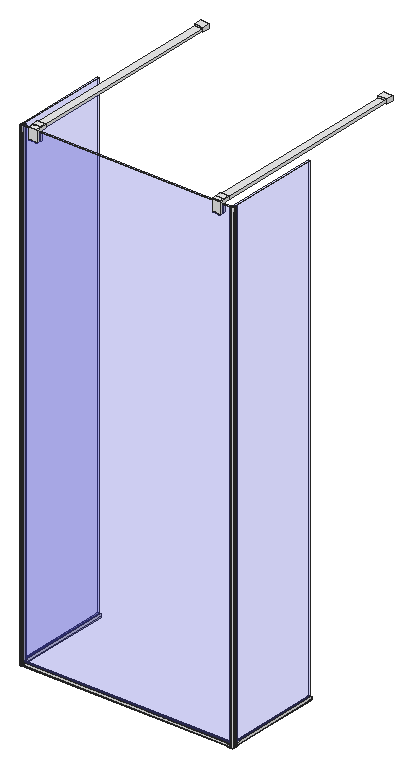
Revit family "TRIO", category Plumbing Fixtures, Revit 2015
Parameters (values of type "900")
  Glass = Glass
  Chrome = Chrome - Polished
  Aluminium = Aluminum - Polished
  A = 871 mm
  URL = "http://www.sanswiss.com/"
  Type Comments = ""
  Model = "TRIO"
  Manufacturer = "SanSwiss"
Types (6, lengths in mm): name | A
  (no name) | 871
  900 | 871
  1000 | 971
  1200 | 1171
  1400 | 1371
  1600 | 1571
Reference planes
  plane 1 "Center (Front/Back)": y = 0
  plane 2: z = 0
  plane 3 "Center (Left/Right)": x = 0
  plane 4: y = 900
  plane 5: x = 871
  plane 6: x = 865.003
  plane 7: x = 5.997
Forms (mm)
  Extrusion 1, solid, material "Glass" <- "Glass"
    sketch origin (0, 14.7, 1950) x (1, 0, 0) y (0, 1, 0)
      loop
        line (871, 15.3) -> (0, 15.3) -> (0, 7.3) -> (871, 7.3) -> (871, 15.3)
    from -1940 to 50
  Extrusion 2, solid, material "Aluminum - Polished" <- "Aluminium"
    sketch origin (-900, 0.3, 0) x (0, 1, 0) y (0, 0, -1)
      loop
        line (21.6, -10) -> (29.8, -10) -> (29.8, -13.868)
        arc (29.8, -13.868) -> (29.742, -14.514) -> (30.217, -14.955) r 0.736
        arc (30.217, -14.955) -> (30.886, -14.841) -> (31.2, -14.241) r 0.763
        line (31.2, -14.241) -> (31.2, -3.1)
        arc (31.2, -3.1) -> (30.731, -1.969) -> (29.6, -1.5) r 1.6
        line (29.6, -1.5) -> (28.55, -1.5) -> (28.55, 0) -> (27.25, 0) -> (27.25, -1.5) -> (24.15, -1.5) -> (24.15, 0) -> (22.85, 0) -> (22.85, -1.5) -> (21.8, -1.5)
        arc (21.8, -1.5) -> (20.669, -1.969) -> (20.2, -3.1) r 1.6
        line (20.2, -3.1) -> (20.2, -14.25)
        arc (20.2, -14.25) -> (20.558, -14.896) -> (21.297, -14.909) r 0.739
        arc (21.297, -14.909) -> (21.689, -14.408) -> (21.6, -13.779) r 0.813
        line (21.6, -13.779) -> (21.6, -10)
      loop
        line (29.9, -8.7) -> (29.9, -2.8) -> (21.5, -2.8) -> (21.5, -8.7) -> (29.9, -8.7)
    from -1765.003 to -905.997
  Sweep 3, solid, material "Aluminum - Polished" <- "Aluminium"
    path origin (0, 0, 0) x (1, 0, 0) y (0, 0, 1)
      loop
        line (871, 0) -> (871, 2000)
    profile origin (871, 0, 1000) x (-1, 0, 0) y (0, -1, 0)
      loop
        line (-4.811, -30.478) -> (-4.13, -29.3) -> (-5.14, -28.988) -> (-4.936, -27.833)
        arc (-4.936, -27.833) -> (-4.818, -27.393) -> (-4.405, -27.2) r 0.539
        line (-4.405, -27.2) -> (-3.244, -27.2)
        arc (-3.244, -27.2) -> (-1.462, -28.317) -> (-1.679, -30.409) r 1.989
        arc (-1.679, -30.409) -> (-1.88, -31.088) -> (-1.303, -31.5) r 0.61
        line (-1.303, -31.5) -> (5.247, -31.5)
        arc (5.247, -31.5) -> (5.997, -30.75) -> (5.247, -30) r 0.75
        line (5.247, -30) -> (4.443, -30.464) -> (3.78, -30) -> (3.073, -30.495) -> (2.366, -30) -> (1.683, -30.478) -> (0.999, -30) -> (0.004, -29.85)
        arc (0.004, -29.85) -> (-0.992, -26.845) -> (-4.006, -25.873) r 3.5
        arc (-4.006, -25.873) -> (-4.44, -25.685) -> (-4.468, -25.212) r 0.452
        arc (-4.468, -25.212) -> (-3.269, -23.464) -> (-1.521, -22.265) r 5.788
        line (-1.521, -22.265) -> (-0.003, -23.783) -> (-0.003, -22)
        arc (-0.003, -22) -> (0.69, -21.897) -> (1.391, -21.919) r 3.901
        line (1.391, -21.919) -> (5.2, -22.387)
        arc (5.2, -22.387) -> (6.005, -21.868) -> (5.426, -21.105) r 0.653
        line (5.426, -21.105) -> (0, -20.576)
        arc (0, -20.576) -> (-4.495, -22.867) -> (-6.303, -27.577) r 7.039
        line (-6.303, -27.577) -> (-6.303, -30.078)
        arc (-6.303, -30.078) -> (-5.71, -30.851) -> (-4.811, -30.478) r 0.8
  Sweep 4, solid, material "Aluminum - Polished" <- "Aluminium"
    path origin (0, 0, 0) x (1, 0, 0) y (0, 0, 1)
      loop
        line (870.996, 0) -> (870.996, 2000)
    profile origin (870.996, 0, 1000) x (-1, 0, 0) y (0, -1, 0)
      loop
        line (-4.653, -33.2) -> (3.692, -33.2) -> (3.692, -34.238) -> (4.233, -34.882) -> (3.692, -35.527) -> (4.195, -36.245) -> (3.692, -36.963) -> (4.201, -37.57) -> (3.692, -38.297)
        arc (3.692, -38.297) -> (4.264, -39.164) -> (5.192, -38.699) r 0.782
        line (5.192, -38.699) -> (5.192, -31.9) -> (-1.973, -31.9) -> (-2.42, -28.719)
        arc (-2.42, -28.719) -> (-3.221, -27.695) -> (-4.508, -27.876) r 1.3
        arc (-4.508, -27.876) -> (-4.876, -28.33) -> (-5.007, -28.9) r 1.3
        line (-5.007, -28.9) -> (-4.008, -28.9) -> (-4.008, -31.9) -> (-5.228, -31.9)
        arc (-5.228, -31.9) -> (-5.832, -32.175) -> (-6.021, -32.811) r 0.8
        line (-6.021, -32.811) -> (-5.201, -38.64)
        arc (-5.201, -38.64) -> (-4.467, -39.194) -> (-3.914, -38.46) r 0.65
        line (-3.914, -38.46) -> (-4.653, -33.2)
  Sweep 5, solid, material "Glass" <- "Glass"
    path origin (0, 0, 1950) x (-1, 0, 0) y (0, -1, 0)
      loop
        line (-871, -33.2) -> (-871, -425.2)
    profile origin (871, 229.2, 1950) x (-1, 0, 0) y (0, 0, 1)
      loop
        line (3.697, 50) -> (-4.303, 50) -> (-4.303, -1940) -> (3.697, -1940) -> (3.697, 50)
  Sweep 6, solid, material "Aluminum - Polished" <- "Aluminium"
    path origin (0, 0, 1950) x (-1, 0, 0) y (0, -1, 0)
      loop
        line (-871, -39.2) -> (-871, -425.2)
    profile origin (871, 232.2, 1950) x (-1, 0, 0) y (0, 0, 1)
      loop
        line (-4.384, -1940) -> (-4.384, -1936.221)
        arc (-4.384, -1936.221) -> (-4.295, -1935.592) -> (-4.687, -1935.091) r 0.813
        arc (-4.687, -1935.091) -> (-5.425, -1935.104) -> (-5.784, -1935.75) r 0.739
        line (-5.784, -1935.75) -> (-5.784, -1946.9)
        arc (-5.784, -1946.9) -> (-5.315, -1948.031) -> (-4.184, -1948.5) r 1.6
        line (-4.184, -1948.5) -> (-3.134, -1948.5) -> (-3.134, -1950) -> (-1.834, -1950) -> (-1.834, -1948.5) -> (1.266, -1948.5) -> (1.266, -1950) -> (2.566, -1950) -> (2.566, -1948.5) -> (3.616, -1948.5)
        arc (3.616, -1948.5) -> (4.748, -1948.031) -> (5.216, -1946.9) r 1.6
        line (5.216, -1946.9) -> (5.216, -1935.759)
        arc (5.216, -1935.759) -> (4.902, -1935.159) -> (4.233, -1935.045) r 0.763
        arc (4.233, -1935.045) -> (3.758, -1935.486) -> (3.816, -1936.132) r 0.736
        line (3.816, -1936.132) -> (3.816, -1940) -> (-4.384, -1940)
      loop
        line (3.916, -1941.3) -> (-4.484, -1941.3) -> (-4.484, -1947.2) -> (3.916, -1947.2) -> (3.916, -1941.3)
  Sweep 7, solid, material "Aluminum - Polished" <- "Aluminium"
    path origin (1000, 0, 0) x (-1, 0, 0) y (0, 0, 1)
      loop
        line (1000, 0) -> (1000, 2000)
    profile origin (0, 0, 1000) x (-1, 0, 0) y (0, -1, 0)
      loop
        arc (4.811, -30.478) -> (5.71, -30.851) -> (6.303, -30.078) r 0.8
        line (6.303, -30.078) -> (6.303, -27.577)
        arc (6.303, -27.577) -> (4.495, -22.867) -> (0, -20.576) r 7.039
        line (0, -20.576) -> (-5.426, -21.105)
        arc (-5.426, -21.105) -> (-6.005, -21.868) -> (-5.2, -22.387) r 0.653
        line (-5.2, -22.387) -> (-1.391, -21.919)
        arc (-1.391, -21.919) -> (-0.69, -21.897) -> (0.003, -22) r 3.901
        line (0.003, -22) -> (0.003, -23.783) -> (1.521, -22.265)
        arc (1.521, -22.265) -> (3.269, -23.464) -> (4.468, -25.212) r 5.788
        arc (4.468, -25.212) -> (4.44, -25.685) -> (4.006, -25.873) r 0.452
        arc (4.006, -25.873) -> (0.992, -26.845) -> (-0.004, -29.85) r 3.5
        line (-0.004, -29.85) -> (-0.999, -30) -> (-1.683, -30.478) -> (-2.366, -30) -> (-3.073, -30.495) -> (-3.78, -30) -> (-4.443, -30.464) -> (-5.247, -30)
        arc (-5.247, -30) -> (-5.997, -30.75) -> (-5.247, -31.5) r 0.75
        line (-5.247, -31.5) -> (1.303, -31.5)
        arc (1.303, -31.5) -> (1.88, -31.088) -> (1.679, -30.409) r 0.61
        arc (1.679, -30.409) -> (1.462, -28.317) -> (3.244, -27.2) r 1.989
        line (3.244, -27.2) -> (4.405, -27.2)
        arc (4.405, -27.2) -> (4.818, -27.393) -> (4.936, -27.833) r 0.539
        line (4.936, -27.833) -> (5.14, -28.988) -> (4.13, -29.3) -> (4.811, -30.478)
  Sweep 8, solid, material "Aluminum - Polished" <- "Aluminium"
    path origin (1000, 0, 0) x (-1, 0, 0) y (0, 0, 1)
      loop
        line (999.996, 0) -> (999.996, 2000)
    profile origin (0.004, 0, 1000) x (-1, 0, 0) y (0, -1, 0)
      loop
        line (4.653, -33.2) -> (3.914, -38.46)
        arc (3.914, -38.46) -> (4.467, -39.194) -> (5.201, -38.64) r 0.65
        line (5.201, -38.64) -> (6.021, -32.811)
        arc (6.021, -32.811) -> (5.832, -32.175) -> (5.228, -31.9) r 0.8
        line (5.228, -31.9) -> (4.008, -31.9) -> (4.008, -28.9) -> (5.007, -28.9)
        arc (5.007, -28.9) -> (4.876, -28.33) -> (4.508, -27.876) r 1.3
        arc (4.508, -27.876) -> (3.221, -27.695) -> (2.42, -28.719) r 1.3
        line (2.42, -28.719) -> (1.973, -31.9) -> (-5.192, -31.9) -> (-5.192, -38.699)
        arc (-5.192, -38.699) -> (-4.264, -39.164) -> (-3.692, -38.297) r 0.782
        line (-3.692, -38.297) -> (-4.201, -37.57) -> (-3.692, -36.963) -> (-4.195, -36.245) -> (-3.692, -35.527) -> (-4.233, -34.882) -> (-3.692, -34.238) -> (-3.692, -33.2) -> (4.653, -33.2)
  Sweep 9, solid, material "Glass" <- "Glass"
    path origin (1000, 0, 1950) x (1, 0, 0) y (0, 1, 0)
      loop
        line (-1000, 33.2) -> (-1000, 425.2)
    profile origin (0, 229.2, 1950) x (-1, 0, 0) y (0, 0, 1)
      loop
        line (-3.697, 50) -> (-3.697, -1940) -> (4.303, -1940) -> (4.303, 50) -> (-3.697, 50)
  Sweep 10, solid, material "Aluminum - Polished" <- "Aluminium"
    path origin (1000, 0, 1950) x (1, 0, 0) y (0, 1, 0)
      loop
        line (-1000, 39.2) -> (-1000, 425.2)
    profile origin (0, 232.2, 1950) x (-1, 0, 0) y (0, 0, 1)
      loop
        line (4.384, -1940) -> (-3.816, -1940) -> (-3.816, -1936.132)
        arc (-3.816, -1936.132) -> (-3.758, -1935.486) -> (-4.233, -1935.045) r 0.736
        arc (-4.233, -1935.045) -> (-4.902, -1935.159) -> (-5.216, -1935.759) r 0.763
        line (-5.216, -1935.759) -> (-5.216, -1946.9)
        arc (-5.216, -1946.9) -> (-4.748, -1948.031) -> (-3.616, -1948.5) r 1.6
        line (-3.616, -1948.5) -> (-2.566, -1948.5) -> (-2.566, -1950) -> (-1.266, -1950) -> (-1.266, -1948.5) -> (1.834, -1948.5) -> (1.834, -1950) -> (3.134, -1950) -> (3.134, -1948.5) -> (4.184, -1948.5)
        arc (4.184, -1948.5) -> (5.315, -1948.031) -> (5.784, -1946.9) r 1.6
        line (5.784, -1946.9) -> (5.784, -1935.75)
        arc (5.784, -1935.75) -> (5.425, -1935.104) -> (4.687, -1935.091) r 0.739
        arc (4.687, -1935.091) -> (4.295, -1935.592) -> (4.384, -1936.221) r 0.813
        line (4.384, -1936.221) -> (4.384, -1940)
      loop
        line (-3.916, -1941.3) -> (-3.916, -1947.2) -> (4.484, -1947.2) -> (4.484, -1941.3) -> (-3.916, -1941.3)
Dimensions and locks
  locked: plane 4 to plane 1 "Center (Front/Back)" at 900
  "A": plane 5 to plane 3 "Center (Left/Right)"
  locked: plane 6 to plane 5 at 5.997
  locked: plane 5 to nested 2 at 0.303
  locked: nested 1 to plane 5 at 42
  locked: plane 3 "Center (Left/Right)" to nested 3 at 42
  aligned and locked: level to plane 2
  aligned and locked: plane 5 to Extrusion 1
  aligned and locked: plane 6 to Extrusion 2
  aligned and locked: Extrusion 1 to plane 3 "Center (Left/Right)"
  aligned and locked: plane 7 to Extrusion 2
Automatic sketch dimensions
  Extrusion 1 sketch curve to plane 5 = 0 mm
  plane 7 to Extrusion 1 sketch curve = 5.997 mm
  Extrusion 1 sketch curve to plane 1 "Center (Front/Back)" = 22 mm
  Extrusion 1 sketch curve to Extrusion 1 sketch curve = 8 mm
  Extrusion 2 sketch curve to level = 0 mm  (x2)
  Extrusion 2 sketch curve to plane 1 "Center (Front/Back)" = 20.5 mm
  Extrusion 2 sketch curve to Extrusion 2 sketch curve = 0.703 mm
  Extrusion 2 sketch curve to Extrusion 2 sketch curve = 0.036 mm
  Extrusion 2 sketch curve to Extrusion 2 sketch curve = 0.597 mm
  Extrusion 2 sketch curve to Extrusion 2 sketch curve = 0.697 mm
  Extrusion 2 sketch curve to Extrusion 2 sketch curve = 0.3 mm  (x3)
  Extrusion 2 sketch curve to Extrusion 2 sketch curve = 1.05 mm  (x2)
  Extrusion 2 sketch curve to Extrusion 2 sketch curve = 1.3 mm  (x4)
  Extrusion 2 sketch curve to Extrusion 2 sketch curve = 3.1 mm
  Extrusion 2 sketch curve to Extrusion 2 sketch curve = 0.2 mm
  Extrusion 2 sketch curve to Extrusion 2 sketch curve = 0.629 mm
  Extrusion 2 sketch curve to Extrusion 2 sketch curve = 0.008 mm
  level to Extrusion 2 sketch curve = 1.5 mm  (x2)
  Extrusion 2 sketch curve to Extrusion 2 sketch curve = 0 mm
  Extrusion 2 sketch curve to Extrusion 2 sketch curve = 5.6 mm
  Extrusion 2 sketch curve to Extrusion 2 sketch curve = 3.779 mm
  Extrusion 2 sketch curve to Extrusion 2 sketch curve = 3.868 mm
  Extrusion 2 sketch curve to Extrusion 2 sketch curve = 0.419 mm
  Extrusion 2 sketch curve to Extrusion 2 sketch curve = 0.356 mm
  Extrusion 2 sketch curve to Extrusion 2 sketch curve = 0.017 mm
  Extrusion 2 sketch curve to Extrusion 2 sketch curve = 0.052 mm
  Extrusion 2 sketch curve to Extrusion 2 sketch curve = 0.026 mm
  Extrusion 2 sketch curve to Extrusion 2 sketch curve = 0.065 mm
  plane 5 to Sweep 3 sketch curve = 0 mm
  Sweep 3 sketch curve to level = 0 mm
  level to Sweep 3 sketch curve = 2000 mm
  Sweep 3 sketch curve to profile plane = 0 mm
  profile plane to Sweep 3 sketch curve = 0.003 mm
  profile plane to Sweep 3 sketch curve = 1.303 mm
  profile plane to Sweep 3 sketch curve = 1.521 mm
  profile plane to Sweep 3 sketch curve = 3.244 mm
  Sweep 3 sketch curve to Sweep 3 sketch curve = 0.005 mm
  Sweep 3 sketch curve to Sweep 3 sketch curve = 0.207 mm
  Sweep 3 sketch curve to Sweep 3 sketch curve = 0.826 mm
  Sweep 3 sketch curve to Sweep 3 sketch curve = 0.673 mm
  Sweep 3 sketch curve to Sweep 3 sketch curve = 1.161 mm
  Sweep 3 sketch curve to Sweep 3 sketch curve = 0.68 mm
  Sweep 3 sketch curve to Sweep 3 sketch curve = 0.531 mm
  Sweep 3 sketch curve to Sweep 3 sketch curve = 1.009 mm
  Sweep 3 sketch curve to Sweep 3 sketch curve = 0.693 mm
  Sweep 3 sketch curve to Sweep 3 sketch curve = 1.367 mm
  Sweep 3 sketch curve to profile plane = 0.004 mm
  Sweep 3 sketch curve to profile plane = 0.736 mm
  Sweep 3 sketch curve to Sweep 3 sketch curve = 0.088 mm
  Sweep 3 sketch curve to profile plane = 0.916 mm
  Sweep 3 sketch curve to profile plane = 0.999 mm
  Sweep 3 sketch curve to profile plane = 1.391 mm
  Sweep 3 sketch curve to Sweep 3 sketch curve = 0.683 mm  (x2)
  Sweep 3 sketch curve to Sweep 3 sketch curve = 0.707 mm  (x2)
  Sweep 3 sketch curve to Sweep 3 sketch curve = 0.663 mm
  Sweep 3 sketch curve to Sweep 3 sketch curve = 3.809 mm
  Sweep 3 sketch curve to Sweep 3 sketch curve = 0.804 mm
  Sweep 3 sketch curve to Sweep 3 sketch curve = 0.163 mm
  Sweep 3 sketch curve to Sweep 3 sketch curve = 0.063 mm
  Sweep 3 sketch curve to plane 1 "Center (Front/Back)" = 31.5 mm
  Sweep 3 sketch curve to Sweep 3 sketch curve = 0.61 mm
  Sweep 3 sketch curve to Sweep 3 sketch curve = 0.75 mm
  Sweep 3 sketch curve to Sweep 3 sketch curve = 0.255 mm
  Sweep 3 sketch curve to Sweep 3 sketch curve = 0.411 mm
  Sweep 3 sketch curve to Sweep 3 sketch curve = 0.017 mm
  Sweep 3 sketch curve to Sweep 3 sketch curve = 0.286 mm
  Sweep 3 sketch curve to Sweep 3 sketch curve = 0.478 mm  (x2)
  Sweep 3 sketch curve to Sweep 3 sketch curve = 0.464 mm
  Sweep 3 sketch curve to Sweep 3 sketch curve = 0.15 mm
  Sweep 3 sketch curve to Sweep 3 sketch curve = 1.149 mm
  Sweep 3 sketch curve to Sweep 3 sketch curve = 0.03 mm
  Sweep 3 sketch curve to Sweep 3 sketch curve = 0.141 mm
  Sweep 3 sketch curve to Sweep 3 sketch curve = 0.312 mm
  Sweep 3 sketch curve to Sweep 3 sketch curve = 1.155 mm
  Sweep 3 sketch curve to Sweep 3 sketch curve = 0.094 mm
  Sweep 3 sketch curve to Sweep 3 sketch curve = 0.256 mm
  Sweep 3 sketch curve to Sweep 3 sketch curve = 0.019 mm
  Sweep 3 sketch curve to Sweep 3 sketch curve = 1.766 mm
  Sweep 3 sketch curve to Sweep 3 sketch curve = 1.774 mm
  Sweep 3 sketch curve to Sweep 3 sketch curve = 2.008 mm
  Sweep 3 sketch curve to Sweep 3 sketch curve = 1.396 mm
  Sweep 3 sketch curve to Sweep 3 sketch curve = 1.518 mm
  Sweep 3 sketch curve to Sweep 3 sketch curve = 1.424 mm
  Sweep 3 sketch curve to Sweep 3 sketch curve = 0.632 mm
  Sweep 3 sketch curve to Sweep 3 sketch curve = 0.065 mm
  Sweep 4 sketch curve to level = 0 mm
  plane 5 to Sweep 4 sketch curve = 0.004 mm
  level to Sweep 4 sketch curve = 2000 mm
  Sweep 4 sketch curve to Sweep 4 sketch curve = 0 mm  (x7)
  profile plane to Sweep 4 sketch curve = 6.021 mm
  Sweep 4 sketch curve to Sweep 4 sketch curve = 0.792 mm
  profile plane to Sweep 4 sketch curve = 5.201 mm
  Sweep 4 sketch curve to Sweep 4 sketch curve = 0.221 mm
  Sweep 4 sketch curve to Sweep 4 sketch curve = 0.575 mm
  Sweep 4 sketch curve to Sweep 4 sketch curve = 0.644 mm  (x2)
  Sweep 4 sketch curve to Sweep 4 sketch curve = 0.999 mm
  Sweep 4 sketch curve to Sweep 4 sketch curve = 0.3 mm
  Sweep 4 sketch curve to Sweep 4 sketch curve = 1.287 mm
  profile plane to Sweep 4 sketch curve = 1.973 mm
  Sweep 4 sketch curve to profile plane = 3.692 mm
  Sweep 4 sketch curve to Sweep 4 sketch curve = 0.503 mm
  Sweep 4 sketch curve to Sweep 4 sketch curve = 0.509 mm
  Sweep 4 sketch curve to Sweep 4 sketch curve = 0.541 mm
  Sweep 4 sketch curve to Sweep 4 sketch curve = 0.774 mm
  Sweep 4 sketch curve to Sweep 4 sketch curve = 1.5 mm
  Sweep 4 sketch curve to plane 1 "Center (Front/Back)" = 38.699 mm
  Sweep 4 sketch curve to Sweep 4 sketch curve = 0.058 mm
  Sweep 4 sketch curve to Sweep 4 sketch curve = 0.09 mm
  Sweep 4 sketch curve to Sweep 4 sketch curve = 0.29 mm
  Sweep 4 sketch curve to Sweep 4 sketch curve = 0.839 mm
  Sweep 4 sketch curve to Sweep 4 sketch curve = 0.607 mm
  Sweep 4 sketch curve to Sweep 4 sketch curve = 0.718 mm  (x2)
  Sweep 4 sketch curve to Sweep 4 sketch curve = 0.645 mm  (x2)
  Sweep 4 sketch curve to Sweep 4 sketch curve = 5.26 mm
  Sweep 4 sketch curve to Sweep 4 sketch curve = 0.389 mm
  Sweep 4 sketch curve to Sweep 4 sketch curve = 0.5 mm  (x2)
  Sweep 4 sketch curve to Sweep 4 sketch curve = 3 mm
  Sweep 5 sketch curve to plane 5 = 0 mm
  Sweep 5 sketch curve to plane 1 "Center (Front/Back)" = 425.2 mm
  Sweep 5 sketch curve to plane 1 "Center (Front/Back)" = 33.2 mm
  profile plane to Sweep 5 sketch curve = 4.303 mm
  Sweep 5 sketch curve to profile plane = 3.697 mm
  Sweep 5 sketch curve to profile plane = 1940 mm
  profile plane to Sweep 5 sketch curve = 50 mm
  Sweep 6 sketch curve to plane 5 = 0 mm
  Sweep 6 sketch curve to plane 1 "Center (Front/Back)" = 425.2 mm
  Sweep 6 sketch curve to plane 1 "Center (Front/Back)" = 39.2 mm
  profile plane to Sweep 6 sketch curve = 5.784 mm
  Sweep 6 sketch curve to Sweep 6 sketch curve = 0.703 mm
  Sweep 6 sketch curve to Sweep 6 sketch curve = 0.036 mm
  profile plane to Sweep 6 sketch curve = 4.484 mm
  Sweep 6 sketch curve to Sweep 6 sketch curve = 0.697 mm
  Sweep 6 sketch curve to Sweep 6 sketch curve = 0.3 mm  (x3)
  Sweep 6 sketch curve to Sweep 6 sketch curve = 1.05 mm  (x2)
  Sweep 6 sketch curve to Sweep 6 sketch curve = 1.3 mm  (x4)
  Sweep 6 sketch curve to profile plane = 1.266 mm
  Sweep 6 sketch curve to profile plane = 3.816 mm
  Sweep 6 sketch curve to Sweep 6 sketch curve = 0.629 mm
  Sweep 6 sketch curve to Sweep 6 sketch curve = 0.008 mm
  Sweep 6 sketch curve to profile plane = 1950 mm
  Sweep 6 sketch curve to Sweep 6 sketch curve = 0 mm  (x2)
  Sweep 6 sketch curve to Sweep 6 sketch curve = 1.5 mm  (x2)
  Sweep 6 sketch curve to Sweep 6 sketch curve = 5.6 mm
  Sweep 6 sketch curve to Sweep 6 sketch curve = 3.779 mm
  Sweep 6 sketch curve to Sweep 6 sketch curve = 3.868 mm
  Sweep 6 sketch curve to Sweep 6 sketch curve = 0.419 mm
  Sweep 6 sketch curve to Sweep 6 sketch curve = 0.356 mm
  Sweep 6 sketch curve to Sweep 6 sketch curve = 0.017 mm
  Sweep 6 sketch curve to Sweep 6 sketch curve = 0.052 mm
  Sweep 6 sketch curve to Sweep 6 sketch curve = 0.026 mm
  Sweep 6 sketch curve to Sweep 6 sketch curve = 0.065 mm
  Sweep 7 sketch curve to plane 3 "Center (Left/Right)" = 0 mm
  Sweep 7 sketch curve to level = 0 mm
  Sweep 7 sketch curve to level = 2000 mm
  Sweep 7 sketch curve to profile plane = 0 mm
  profile plane to Sweep 7 sketch curve = 0.004 mm
  profile plane to Sweep 7 sketch curve = 0.736 mm
  Sweep 7 sketch curve to Sweep 7 sketch curve = 0.088 mm
  profile plane to Sweep 7 sketch curve = 0.916 mm
  profile plane to Sweep 7 sketch curve = 0.999 mm
  profile plane to Sweep 7 sketch curve = 1.391 mm
  Sweep 7 sketch curve to Sweep 7 sketch curve = 0.683 mm  (x2)
  Sweep 7 sketch curve to Sweep 7 sketch curve = 0.707 mm  (x2)
  Sweep 7 sketch curve to Sweep 7 sketch curve = 0.663 mm
  Sweep 7 sketch curve to Sweep 7 sketch curve = 3.809 mm
  Sweep 7 sketch curve to Sweep 7 sketch curve = 0.804 mm
  Sweep 7 sketch curve to Sweep 7 sketch curve = 0.163 mm
  Sweep 7 sketch curve to Sweep 7 sketch curve = 0.063 mm
  Sweep 7 sketch curve to profile plane = 0.003 mm
  Sweep 7 sketch curve to profile plane = 1.303 mm
  Sweep 7 sketch curve to profile plane = 1.521 mm
  Sweep 7 sketch curve to profile plane = 3.244 mm
  Sweep 7 sketch curve to Sweep 7 sketch curve = 0.005 mm
  Sweep 7 sketch curve to Sweep 7 sketch curve = 0.207 mm
  Sweep 7 sketch curve to Sweep 7 sketch curve = 0.826 mm
  Sweep 7 sketch curve to Sweep 7 sketch curve = 0.673 mm
  Sweep 7 sketch curve to Sweep 7 sketch curve = 1.161 mm
  Sweep 7 sketch curve to Sweep 7 sketch curve = 0.68 mm
  Sweep 7 sketch curve to Sweep 7 sketch curve = 0.531 mm
  Sweep 7 sketch curve to Sweep 7 sketch curve = 1.009 mm
  Sweep 7 sketch curve to Sweep 7 sketch curve = 0.693 mm
  Sweep 7 sketch curve to Sweep 7 sketch curve = 1.367 mm
  Sweep 7 sketch curve to plane 1 "Center (Front/Back)" = 31.5 mm
  Sweep 7 sketch curve to Sweep 7 sketch curve = 0.61 mm
  Sweep 7 sketch curve to Sweep 7 sketch curve = 0.75 mm
  Sweep 7 sketch curve to Sweep 7 sketch curve = 0.255 mm
  Sweep 7 sketch curve to Sweep 7 sketch curve = 0.411 mm
  Sweep 7 sketch curve to Sweep 7 sketch curve = 0.017 mm
  Sweep 7 sketch curve to Sweep 7 sketch curve = 0.286 mm
  Sweep 7 sketch curve to Sweep 7 sketch curve = 0.478 mm  (x2)
  Sweep 7 sketch curve to Sweep 7 sketch curve = 0.464 mm
  Sweep 7 sketch curve to Sweep 7 sketch curve = 0.15 mm
  Sweep 7 sketch curve to Sweep 7 sketch curve = 1.149 mm
  Sweep 7 sketch curve to Sweep 7 sketch curve = 0.03 mm
  Sweep 7 sketch curve to Sweep 7 sketch curve = 0.141 mm
  Sweep 7 sketch curve to Sweep 7 sketch curve = 0.312 mm
  Sweep 7 sketch curve to Sweep 7 sketch curve = 1.155 mm
  Sweep 7 sketch curve to Sweep 7 sketch curve = 0.094 mm
  Sweep 7 sketch curve to Sweep 7 sketch curve = 0.256 mm
  Sweep 7 sketch curve to Sweep 7 sketch curve = 0.019 mm
  Sweep 7 sketch curve to Sweep 7 sketch curve = 1.766 mm
  Sweep 7 sketch curve to Sweep 7 sketch curve = 1.774 mm
  Sweep 7 sketch curve to Sweep 7 sketch curve = 2.008 mm
  Sweep 7 sketch curve to Sweep 7 sketch curve = 1.396 mm
  Sweep 7 sketch curve to Sweep 7 sketch curve = 1.518 mm
  Sweep 7 sketch curve to Sweep 7 sketch curve = 1.424 mm
  Sweep 7 sketch curve to Sweep 7 sketch curve = 0.632 mm
  Sweep 7 sketch curve to Sweep 7 sketch curve = 0.065 mm
  Sweep 8 sketch curve to level = 0 mm
  Sweep 8 sketch curve to plane 3 "Center (Left/Right)" = 0.004 mm
  Sweep 8 sketch curve to level = 2000 mm
  Sweep 8 sketch curve to Sweep 8 sketch curve = 0 mm  (x4)
  profile plane to Sweep 8 sketch curve = 5.192 mm
  Sweep 8 sketch curve to Sweep 8 sketch curve = 0.726 mm
  Sweep 8 sketch curve to Sweep 8 sketch curve = 0.959 mm
  Sweep 8 sketch curve to Sweep 8 sketch curve = 0.265 mm
  Sweep 8 sketch curve to Sweep 8 sketch curve = 0.006 mm
  Sweep 8 sketch curve to Sweep 8 sketch curve = 0.541 mm  (x2)
  Sweep 8 sketch curve to Sweep 8 sketch curve = 0.774 mm
  Sweep 8 sketch curve to Sweep 8 sketch curve = 0.509 mm
  Sweep 8 sketch curve to profile plane = 1.973 mm
  Sweep 8 sketch curve to profile plane = 2.42 mm
  Sweep 8 sketch curve to Sweep 8 sketch curve = 1.287 mm
  Sweep 8 sketch curve to profile plane = 3.914 mm
  Sweep 8 sketch curve to Sweep 8 sketch curve = 0.3 mm
  Sweep 8 sketch curve to Sweep 8 sketch curve = 0.644 mm  (x2)
  Sweep 8 sketch curve to Sweep 8 sketch curve = 0.646 mm
  Sweep 8 sketch curve to Sweep 8 sketch curve = 0.999 mm
  Sweep 8 sketch curve to Sweep 8 sketch curve = 1.221 mm
  Sweep 8 sketch curve to Sweep 8 sketch curve = 0.792 mm
  Sweep 8 sketch curve to plane 1 "Center (Front/Back)" = 38.699 mm
  Sweep 8 sketch curve to Sweep 8 sketch curve = 0.058 mm
  Sweep 8 sketch curve to Sweep 8 sketch curve = 0.09 mm
  Sweep 8 sketch curve to Sweep 8 sketch curve = 0.29 mm
  Sweep 8 sketch curve to Sweep 8 sketch curve = 0.839 mm
  Sweep 8 sketch curve to Sweep 8 sketch curve = 0.607 mm
  Sweep 8 sketch curve to Sweep 8 sketch curve = 0.718 mm  (x2)
  Sweep 8 sketch curve to Sweep 8 sketch curve = 0.645 mm  (x2)
  Sweep 8 sketch curve to Sweep 8 sketch curve = 5.26 mm
  Sweep 8 sketch curve to Sweep 8 sketch curve = 0.389 mm
  Sweep 8 sketch curve to Sweep 8 sketch curve = 0.5 mm  (x2)
  Sweep 8 sketch curve to Sweep 8 sketch curve = 3 mm
  Sweep 9 sketch curve to plane 3 "Center (Left/Right)" = 0 mm
  Sweep 9 sketch curve to plane 1 "Center (Front/Back)" = 33.2 mm
  Sweep 9 sketch curve to Sweep 9 sketch curve = 392 mm
  profile plane to Sweep 9 sketch curve = 3.697 mm
  Sweep 9 sketch curve to profile plane = 4.303 mm
  Sweep 9 sketch curve to profile plane = 1940 mm
  profile plane to Sweep 9 sketch curve = 50 mm
  Sweep 10 sketch curve to plane 3 "Center (Left/Right)" = 0 mm
  Sweep 10 sketch curve to plane 1 "Center (Front/Back)" = 39.2 mm
  Sweep 10 sketch curve to Sweep 10 sketch curve = 386 mm
  profile plane to Sweep 10 sketch curve = 5.216 mm
  Sweep 10 sketch curve to Sweep 10 sketch curve = 0.763 mm
  Sweep 10 sketch curve to Sweep 10 sketch curve = 0.008 mm
  profile plane to Sweep 10 sketch curve = 3.916 mm
  Sweep 10 sketch curve to Sweep 10 sketch curve = 0.1 mm  (x2)
  Sweep 10 sketch curve to Sweep 10 sketch curve = 0.3 mm  (x2)
  Sweep 10 sketch curve to Sweep 10 sketch curve = 1.05 mm  (x2)
  profile plane to Sweep 10 sketch curve = 1.266 mm
  Sweep 10 sketch curve to profile plane = 1.834 mm
  Sweep 10 sketch curve to Sweep 10 sketch curve = 1.3 mm  (x3)
  Sweep 10 sketch curve to profile plane = 4.384 mm
  Sweep 10 sketch curve to Sweep 10 sketch curve = 0.661 mm
  Sweep 10 sketch curve to Sweep 10 sketch curve = 0.036 mm
  Sweep 10 sketch curve to profile plane = 1950 mm
  Sweep 10 sketch curve to Sweep 10 sketch curve = 0 mm  (x2)
  Sweep 10 sketch curve to Sweep 10 sketch curve = 1.5 mm  (x2)
  Sweep 10 sketch curve to Sweep 10 sketch curve = 5.6 mm
  Sweep 10 sketch curve to Sweep 10 sketch curve = 3.779 mm
  Sweep 10 sketch curve to Sweep 10 sketch curve = 3.868 mm
  Sweep 10 sketch curve to Sweep 10 sketch curve = 0.419 mm
  Sweep 10 sketch curve to Sweep 10 sketch curve = 0.356 mm
  Sweep 10 sketch curve to Sweep 10 sketch curve = 0.017 mm
  Sweep 10 sketch curve to Sweep 10 sketch curve = 0.052 mm
  Sweep 10 sketch curve to Sweep 10 sketch curve = 0.026 mm
  Sweep 10 sketch curve to Sweep 10 sketch curve = 0.065 mm
Nested families
  nested 1: "stabiliser" at (794.65, 0, 0) x (-1, 0, 0) z (0, 0, 1), type "stabiliser"
    with length 900 mm
  nested 2: "plug" at (871.303, 426.7, 0) x (0, 1, 0) z (0, 0, 1), type "plug"
  nested 3: "stabiliser" at (76.35, 0, 0), type "stabiliser"
    with length 900 mm
  nested 4: "plug" at (-0.303, 426.7, 0) x (0, 1, 0) z (0, 0, 1), type "plug"
Definition of nested family "stabiliser"
  Parameters (values of type "stabiliser")
    Chrome = none
    Aluminium = none
    length [instance] = 900 mm
    URL = "http://www.sanswiss.com/"
    Type Comments = ""
    Model = ""
    Manufacturer = "SanSwiss"
  Reference planes
    plane 1 "Center (Front/Back)": y = 0
    plane 2: z = 0
    plane 3 "Center (Left/Right)": x = 0
    plane 4 "Back": y = 900
    plane 5 "Left": x = -1200
    plane 6 "glass left": x = -1140.7
    plane 7 "glass right": x = -28.7
    plane 8 "bar front": y = 56.3
    plane 9 "bar back": y = 869
  Forms (mm)
    Sweep 1, solid, material <- "Chrome"
      path origin (900, 0, 0) x (0, 1, 0) y (0, 0, 1)
        loop
          line (900, 2016.65) -> (900, 1999.15)
      profile origin (900, 900, 2007.9) x (1, 0, 0) y (0, 1, 0)
        loop
          line (-937.75, 0) -> (-937.75, -31) -> (-901.75, -31) -> (-901.75, 0) -> (-937.75, 0)
    Sweep 2, solid, material <- "Aluminium"
      path origin (900, 0, 0) x (0, 1, 0) y (0, 0, 1)
        loop
          line (56.3, 2017) -> (869, 2017)
      profile origin (900, 462.65, 2017) x (0, 0, 1) y (1, 0, 0)
        loop
          line (-5.35, -904.35) -> (-15.35, -904.35) -> (-15.35, -934.35) -> (-5.35, -934.35) -> (-5.35, -904.35)
    Sweep 3, solid, material <- "Chrome"
      path origin (0, 0, 1950) x (-1, 0, 0) y (0, -1, 0)
        loop
          line (36.35, -34.3) -> (2.35, -34.3)
      profile origin (-19.35, 34.3, 1950) x (0, 1, 0) y (0, 0, 1)
        loop
          line (4, 49.65) -> (22, 49.65) -> (22, 62.177) -> (-20.3, 62.177) -> (-20.3, 14.709)
          arc (-20.3, 14.709) -> (-20.136, 14.314) -> (-19.741, 14.15) r 0.559
          line (-19.741, 14.15) -> (-12.5, 14.15) -> (-12.5, 50.65) -> (-4, 50.65) -> (-4, 15.15) -> (-3, 15.15) -> (-3, 14.15) -> (0, 14.15)
          arc (0, 14.15) -> (1.414, 14.736) -> (2, 16.15) r 2
          line (2, 16.15) -> (2, 47.65)
          arc (2, 47.65) -> (2.586, 49.064) -> (4, 49.65) r 2
    Sweep 4, solid, material <- "Chrome"
      path origin (0, 0, 1950) x (-1, 0, 0) y (0, -1, 0)
        loop
          line (0, -31.3) -> (0, -56.3)
      profile origin (0, 43.8, 1950) x (-1, 0, 0) y (0, 0, 1)
        loop
          line (2.35, 62.177) -> (36.35, 62.177)
          arc (36.35, 62.177) -> (35.943, 63.378) -> (34.89, 64.086) r 1.979
          arc (34.89, 64.086) -> (19.366, 66.159) -> (3.841, 64.086) r 59.17
          arc (3.841, 64.086) -> (2.756, 63.397) -> (2.35, 62.177) r 1.918
    SweptBlend 5, solid, material <- "Chrome"
      path origin (0, 0, 1950) x (-1, 0, 0) y (0, -1, 0)
        loop
          line (0, -14) -> (0, -31.3)
      profile origin (0, 14, 1950) x (-1, 0, 0) y (0, 0, 1)
        loop
          arc (36.35, 62.177) -> (35.594, 63.222) -> (34.381, 63.66) r 2.19
          line (34.381, 63.66) -> (4.329, 63.66)
          arc (4.329, 63.66) -> (3.092, 63.248) -> (2.35, 62.177) r 2.062
          line (2.35, 62.177) -> (36.35, 62.177)
      end profile origin (0, 31.3, 1950) x (-1, 0, 0) y (0, 0, 1)
        loop
          arc (3.841, 64.086) -> (2.756, 63.397) -> (2.35, 62.177) r 1.918
          line (2.35, 62.177) -> (36.35, 62.177)
          arc (36.35, 62.177) -> (35.943, 63.378) -> (34.89, 64.086) r 1.979
          arc (34.89, 64.086) -> (19.366, 66.159) -> (3.841, 64.086) r 59.17
  Dimensions and locks
    "length": plane 4 "Back" to plane 1 "Center (Front/Back)"
    locked: plane 5 "Left" to plane 6 "glass left" at 59.3
    locked: plane 4 "Back" to plane 9 "bar back" at 31
    locked: plane 1 "Center (Front/Back)" to plane 8 "bar front" at 56.3
    aligned and locked: level to plane 2
  Automatic sketch dimensions
    Sweep 1 sketch curve to plane 4 "Back" = 0 mm
    level to Sweep 1 sketch curve = 1999.15 mm
    Sweep 1 sketch curve to Sweep 1 sketch curve = 17.5 mm
    profile plane to Sweep 1 sketch curve = 0 mm
    profile plane to Sweep 1 sketch curve = 31 mm
    Sweep 1 sketch curve to profile plane = 937.75 mm
    Sweep 1 sketch curve to Sweep 1 sketch curve = 36 mm
    Sweep 2 sketch curve to plane 9 "bar back" = 0 mm
    level to Sweep 2 sketch curve = 2017 mm
    Sweep 2 sketch curve to plane 8 "bar front" = 0 mm
    profile plane to Sweep 2 sketch curve = 15.35 mm
    profile plane to Sweep 2 sketch curve = 5.35 mm
    Sweep 2 sketch curve to profile plane = 934.35 mm
    Sweep 2 sketch curve to Sweep 2 sketch curve = 30 mm
    Sweep 3 sketch curve to plane 3 "Center (Left/Right)" = 2.35 mm
    Sweep 3 sketch curve to plane 8 "bar front" = 22 mm
    Sweep 3 sketch curve to plane 7 "glass right" = 7.65 mm
    Sweep 3 sketch curve to profile plane = 0 mm
    profile plane to Sweep 3 sketch curve = 3 mm
    Sweep 3 sketch curve to Sweep 3 sketch curve = 1 mm  (x2)
    Sweep 3 sketch curve to Sweep 3 sketch curve = 8.5 mm
    Sweep 3 sketch curve to Sweep 3 sketch curve = 7.241 mm
    Sweep 3 sketch curve to Sweep 3 sketch curve = 7.8 mm
    Sweep 3 sketch curve to profile plane = 2 mm
    Sweep 3 sketch curve to Sweep 3 sketch curve = 2 mm
    Sweep 3 sketch curve to Sweep 3 sketch curve = 18 mm
    profile plane to Sweep 3 sketch curve = 14.15 mm  (x2)
    Sweep 3 sketch curve to Sweep 3 sketch curve = 31.5 mm
    Sweep 3 sketch curve to Sweep 3 sketch curve = 3 mm
    Sweep 3 sketch curve to Sweep 3 sketch curve = 12.527 mm
    Sweep 4 sketch curve to plane 3 "Center (Left/Right)" = 0 mm
    Sweep 4 sketch curve to plane 8 "bar front" = 0 mm
    Sweep 4 sketch curve to plane 8 "bar front" = 25 mm
    SweptBlend 5 sketch curve to plane 3 "Center (Left/Right)" = 0 mm
    SweptBlend 5 sketch curve to plane 8 "bar front" = 25 mm
    SweptBlend 5 sketch curve to plane 1 "Center (Front/Back)" = 14 mm
    SweptBlend 5 sketch curve to profile plane = 2.35 mm  (x2)
    SweptBlend 5 sketch curve to SweptBlend 5 sketch curve = 1.918 mm
    profile plane to SweptBlend 5 sketch curve = 6.989 mm
    SweptBlend 5 sketch curve to profile plane = 19.366 mm
    SweptBlend 5 sketch curve to SweptBlend 5 sketch curve = 30.103 mm
    SweptBlend 5 sketch curve to SweptBlend 5 sketch curve = 1.979 mm  (x2)
    SweptBlend 5 sketch curve to SweptBlend 5 sketch curve = 55.187 mm
    SweptBlend 5 sketch curve to SweptBlend 5 sketch curve = 0.001 mm
    SweptBlend 5 sketch curve to SweptBlend 5 sketch curve = 0.039 mm
    SweptBlend 5 sketch curve to SweptBlend 5 sketch curve = 0.426 mm
    SweptBlend 5 sketch curve to SweptBlend 5 sketch curve = 29.947 mm
    SweptBlend 5 sketch curve to SweptBlend 5 sketch curve = 0.105 mm
    SweptBlend 5 sketch curve to SweptBlend 5 sketch curve = 2.074 mm
    profile plane to SweptBlend 5 sketch curve = 61.473 mm
    SweptBlend 5 sketch curve to SweptBlend 5 sketch curve = 0.125 mm
    Sweep 4 sketch curve to profile plane = 2.35 mm
    Sweep 4 sketch curve to Sweep 4 sketch curve = 1.918 mm
    profile plane to Sweep 4 sketch curve = 6.989 mm
    Sweep 4 sketch curve to profile plane = 19.366 mm
    Sweep 4 sketch curve to Sweep 4 sketch curve = 1.979 mm
    Sweep 4 sketch curve to Sweep 4 sketch curve = 0.001 mm
    Sweep 4 sketch curve to Sweep 4 sketch curve = 0.039 mm
    Sweep 4 sketch curve to Sweep 4 sketch curve = 0.426 mm
    Sweep 4 sketch curve to Sweep 4 sketch curve = 0.519 mm
    Sweep 4 sketch curve to Sweep 4 sketch curve = 0 mm
Definition of nested family "plug"
  Parameters (values of type "plug")
    Chrome = none
    URL = "http://www.sanswiss.com/"
    Type Comments = ""
    Model = ""
    Manufacturer = "SanSwiss"
  Reference planes
    plane 1 "Center (Front/Back)": y = 0
    plane 2: z = 0
    plane 3 "Center (Left/Right)": x = 0
  Forms (mm)
    Extrusion 1, solid, material <- "Chrome"
      sketch origin (0, 0, 0) x (0, 1, 0) y (0, 0, 1)
        loop
          line (4.735, 15) -> (-4.804, 15)
          arc (-4.804, 15) -> (-5.296, 14.796) -> (-5.5, 14.304) r 0.696
          line (-5.5, 14.304) -> (-5.5, 3.107)
          arc (-5.5, 3.107) -> (-5.032, 1.976) -> (-3.901, 1.508) r 1.599
          line (-3.901, 1.508) -> (-2.85, 1.508) -> (-2.85, 0) -> (2.85, 0) -> (2.85, 1.508) -> (3.908, 1.508)
          arc (3.908, 1.508) -> (5.034, 1.974) -> (5.5, 3.1) r 1.592
          line (5.5, 3.1) -> (5.5, 14.235)
          arc (5.5, 14.235) -> (5.276, 14.776) -> (4.735, 15) r 0.765
      from -1.5 to 0
  Dimensions and locks
    aligned and locked: level to plane 2
